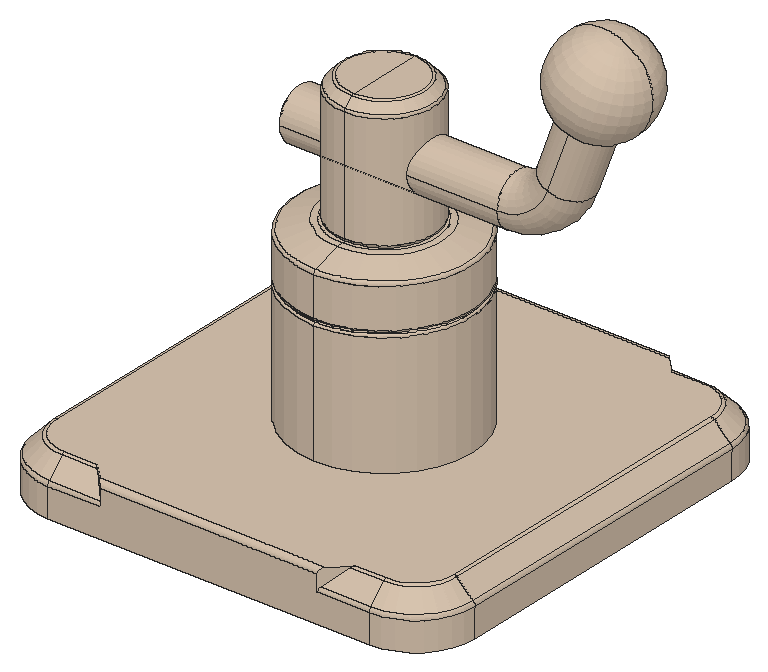
Revit family "Shower-Valve_Trim-KALLISTA-Vice-P34866_1", category Specialty Equipment, host Face, Revit 2021
Family settings
  Host = Face
  Round Connector Dimension = Use Diameter
  Part Type = Normal
  OmniClass Number = 23.31.25.00
  OmniClass Title = Toilet and Bath Specialties
  Cut with Voids When Loaded = No
  Shared = No
  Room Calculation Point = No
Parameters (values of type "Bruhsed French Gold, AF-French Gold")
  Width = 5.31496"  # constant formula
  WaterSense Certified = 1 = 0  # no
  URL = "https://www.kallista.com/"
  Type = 1
  Secondary Finish = Kallista-Metal-BAF-Brushed_French_Gold
  Product Page URL = ""
  Product Name = "Vice"  # constant formula
  Product Documentation Link = ""
  Model = if(Type = 1, "P34866-BAF-AF", if(Type = 2, "P34866-BN-BGP", if(Type = 3, "P34866-BN-SN", if(Type = 4, "P34866-BV-CP", if(Type = 5, "P34866-CP-CP", "NA")))))  # "P34866-BAF-AF"
  Material = "Premium Metal Construction"  # constant formula
  Master Format 2014 Name = "Toilet, Bath, and Laundry Accessories"  # constant formula
  Master Format 2014 = "10 28 00"  # constant formula
  Manufacturer Address = "444 Highland Dr, Kohler, WI 53044"  # constant formula
  Manufacturer = "Kallista Co."  # constant formula
  Length = 5.76378"  # constant formula
  Height = 5.31496"  # constant formula
  Handle Clearance = 3 1/4"  # constant formula
  Finish = Kallista-Metal-AF-French_Gold
  Environmental Product Declaration = ""
  Description = "Pressure Balance Trim Crank"  # constant formula
  Default Elevation = 42"
  Declare Label = ""
  Date Modified = "05/23/2024"  # constant formula
  Date Created = "05/23/2024"  # constant formula
  Copyright = "Copyright Kallista Co."  # constant formula
  Contact Us = "https://www.kallista.com/corporate/contact-us/"
  Assembly Code = "C1030200"
  ADA Compliant = 1 = 0  # no
Types (6): name | Type | Secondary Finish | Model | Finish
  (no name) | 1 | Kallista-Metal-BAF-Brushed_French_Gold | "P34866-BAF-AF" | Kallista-Metal-AF-French_Gold
  Bruhsed French Gold, AF-French Gold | 1 | Kallista-Metal-BAF-Brushed_French_Gold | "P34866-BAF-AF" | Kallista-Metal-AF-French_Gold
  Bruhsed Bronze, CP-Chrome | 4 | Kallista-Metal-BV-Brushed_Bronze | "P34866-BV-CP" | Kallista-Metal-CP-Chrome
  Chrome, CP-Chrome | 5 | Kallista-Metal-CP-Chrome | "P34866-CP-CP" | Kallista-Metal-CP-Chrome
  Vibrant Bruhsed Nickel, BGP | 2 | Kallista-Metal-BN-Brushed_Nickel | "P34866-BN-BGP" | Kallista-Metal-BGP
  Vibrant Bruhsed Nickel, SN-Polished Nickel | 3 | Kallista-Metal-BN-Brushed_Nickel | "P34866-BN-SN" | Kallista-Metal-SN-Polished_Nickel
Reference planes (in)
  plane 1 "Center (Front/Back)": y = 0
  plane 2: z = 0
  plane 3 "Center (Left/Right)": x = 0
  plane 4: z = 4.49778
  plane 5: y = 2.65748
  plane 6: y = -2.65748
  plane 7: x = -2.65748
  plane 8: x = 2.65748
  plane 9: x = 3.25
  plane 10: x = -1.06299
  plane 11: x = 1.06299
  plane 12: z = 5.76378
  plane 13: z = 0.61024
  plane 14: y = 1.06299
  plane 15: y = -1.06299
Dimensions and locks (in)
  "Width": plane 7 to plane 8
  "Height": plane 5 to plane 6
  "Handle Clearance": plane 3 "Center (Left/Right)" to plane 9
  "Length": plane 12 to level
  plane 13 to level = 0.61024"
  aligned and locked: plane 2 to host face
  aligned and locked: level to host face
Automatic sketch dimensions
  host sketch curve to host sketch curve = 96"  (x2)
Nested families (in)
  nested 1: "P34866" at (0, 0, 0), type "P34866"
Definition of nested family "P34866"
  Parameters (values of type "P34866")
    Secondary Finish = none
    Material = none
    Default Elevation = 0"
  Reference planes (in)
    plane 1 "Center (Front/Back)": y = 0
    plane 2: z = 0
    plane 3 "Center (Left/Right)": x = 0
    plane 4: y = 2.65748
    plane 5: y = -2.65748
    plane 6: x = -2.65748
    plane 7: x = 2.65748
    plane 8: z = 5.76378
    plane 9: z = 0.61024
    plane 10: x = -1.06299
    plane 11: x = 1.06299
    plane 12: y = 1.06299
    plane 13: y = -1.06299
    plane 14: z = 2.29134
    plane 15: y = -2.29921
    plane 16: y = -2
    plane 17: y = -2.59843
    plane 18: y = -1.84646
    plane 19: z = 4.49778
    plane 20: x = 3.24999
  Forms (in)
    Sweep 1, solid, material <- "Material", detail levels medium+fine
      path origin (0, 0, 0) x (1, 0, 0) y (0, 1, 0)
        loop
          arc (-2.65748, -1.94882) -> (-2.44992, -2.44992) -> (-1.94882, -2.65748) r 0.70866
          line (-1.94882, -2.65748) -> (1.94882, -2.65748)
          arc (1.94882, -2.65748) -> (2.44992, -2.44992) -> (2.65748, -1.94882) r 0.70866
          line (2.65748, -1.94882) -> (2.65748, 1.94882)
          arc (2.65748, 1.94882) -> (2.44992, 2.44992) -> (1.94882, 2.65748) r 0.70866
          line (1.94882, 2.65748) -> (-1.94882, 2.65748)
          arc (-1.94882, 2.65748) -> (-2.44992, 2.44992) -> (-2.65748, 1.94882) r 0.70866
          line (-2.65748, 1.94882) -> (-2.65748, -1.94882)
      profile origin (-2.65748, 0, 0) x (-1, 0, 0) y (0, 0, 1)
        loop
          line (0, 0) -> (0, 0.3466)
          arc (0, 0.3466) -> (-0.00591, 0.37631) -> (-0.02274, 0.4015) r 0.07764
          line (-0.02274, 0.4015) -> (-0.21608, 0.59484)
          arc (-0.21608, 0.59484) -> (-0.23313, 0.60623) -> (-0.25325, 0.61024) r 0.05257
          line (-0.25325, 0.61024) -> (-0.63353, 0.61024) -> (-0.63353, 0) -> (0, 0)
    Extrusion 2, solid, material <- "Material", detail levels medium+fine
      sketch origin (0, 0, 0) x (1, 0, 0) y (0, 1, 0)
        loop
          arc (-2.23462, -1.94882) -> (-2.15091, -2.15091) -> (-1.94882, -2.23462) r 0.2858
          line (-1.94882, -2.23462) -> (1.94882, -2.23462)
          arc (1.94882, -2.23462) -> (2.15091, -2.15091) -> (2.23462, -1.94882) r 0.2858
          line (2.23462, -1.94882) -> (2.23462, 1.94882)
          arc (2.23462, 1.94882) -> (2.15091, 2.15091) -> (1.94882, 2.23462) r 0.2858
          line (1.94882, 2.23462) -> (-1.94882, 2.23462)
          arc (-1.94882, 2.23462) -> (-2.15091, 2.15091) -> (-2.23462, 1.94882) r 0.2858
          line (-2.23462, 1.94882) -> (-2.23462, -1.94882)
      from 0 to 0.61024
    Extrusion 3, solid, material <- "Material", detail levels medium+fine
      sketch origin (0, 0, -0.0123) x (0, 1, 0) y (0, 0, 1)
        loop
          line (-2.65748, 0.2007) -> (-2.23564, 0.62254) -> (-2.59394, 0.62254)
          arc (-2.59394, 0.62254) -> (-2.63887, 0.60393) -> (-2.65748, 0.559) r 0.06354
          line (-2.65748, 0.559) -> (-2.65748, 0.2007)
      from -1.59536 to 1.59536
    Revolve 4, solid, material <- "Material", detail levels medium+fine
      sketch origin (0, 0, 0) x (0, 1, 0) y (0, 0, 1)
        loop
          line (0, 0.59737) -> (1.06299, 0.59737) -> (1.06299, 2.07762)
          arc (1.06299, 2.07762) -> (1.05579, 2.09502) -> (1.03839, 2.10223) r 0.02461
          line (1.03839, 2.10223) -> (0.72556, 2.10223)
          arc (0.72556, 2.10223) -> (0.6887, 2.11007) -> (0.65822, 2.13222) r 0.09062
          line (0.65822, 2.13222) -> (1.04249, 2.13222)
          arc (1.04249, 2.13222) -> (1.05699, 2.13822) -> (1.06299, 2.15272) r 0.02051
          line (1.06299, 2.15272) -> (1.06299, 2.63478)
          arc (1.06299, 2.63478) -> (1.05493, 2.65958) -> (1.03382, 2.67491) r 0.04219
          arc (1.03382, 2.67491) -> (0.87056, 2.72638) -> (0.70646, 2.77513) r 10.27874
          arc (0.70646, 2.77513) -> (0.66947, 2.78302) -> (0.63174, 2.78567) r 0.26995
          line (0.63174, 2.78567) -> (0.57335, 2.78567)
          arc (0.57335, 2.78567) -> (0.59223, 2.79671) -> (0.59968, 2.81728) r 0.03214
          line (0.59968, 2.81728) -> (0.59968, 4.19449)
          arc (0.59968, 4.19449) -> (0.59604, 4.21279) -> (0.58567, 4.22831) r 0.04784
          line (0.58567, 4.22831) -> (0.49091, 4.32308)
          arc (0.49091, 4.32308) -> (0.47747, 4.33206) -> (0.46162, 4.33521) r 0.04142
          line (0.46162, 4.33521) -> (0, 4.33521) -> (0, 0.59737)
        axis (0, 0.59737) -> (0, 4.33521)
      angle from 0 to 360
    Sweep 5, solid, material <- "Secondary Finish"
      path origin (0, 0, -0.93504) x (1, 0, 0) y (0, 0, 1)
        loop
          line (-1.09215, 4.80943) -> (1.61572, 4.80943)
          arc (1.61572, 4.80943) -> (1.8094, 4.8705) -> (1.93303, 5.03161) r 0.33767
          line (1.93303, 5.03161) -> (2.20446, 5.77736)
      profile origin (0.26178, 0, 3.87439) x (0, 0, 1) y (0, -1, 0)
        loop
          circle (-0.31166, 0) r 0.31166
    Revolve 6, solid, material <- "Material"
      sketch origin (0, 0, -0.93504) x (1, 0, 0) y (0, 0, 1)
        loop
          line (2.45875, 5.56479) -> (2.86082, 6.66948)
          arc (2.86082, 6.66948) -> (2.09761, 6.32175) -> (2.45875, 5.56479) r 0.58788
        axis (2.45875, 5.56479) -> (2.86082, 6.66948)
      angle from 0 to 360
    Sweep 7, void
      path origin (0, 0, -0.93504) x (0, 1, 0) y (0, 0, 1)
        loop
          circle (0, 4.49778) r 0.31166
      profile origin (0, 0, 3.87439) x (0, 0, 1) y (1, 0, 0)
        loop
          line (0.10114, -1.02016) -> (0, -1.02016) -> (-0.10281, -1.09215) -> (-0.10281, -1.1414) -> (0.10114, -1.1414) -> (0.10114, -1.02016)
    Extrusion 8, solid, material <- "Material", detail levels medium+fine
      sketch origin (0, 0, -0.0123) x (0, -1, 0) y (0, 0, -1)
        loop
          line (-2.65748, -0.22024) -> (-2.65748, -0.559)
          arc (-2.65748, -0.559) -> (-2.63887, -0.60393) -> (-2.59394, -0.62254) r 0.06354
          line (-2.59394, -0.62254) -> (-2.24583, -0.62254)
          arc (-2.24583, -0.62254) -> (-2.20265, -0.59369) -> (-2.21278, -0.54277) r 0.04673
          line (-2.21278, -0.54277) -> (-2.57109, -0.18446)
          arc (-2.57109, -0.18446) -> (-2.62624, -0.17349) -> (-2.65748, -0.22024) r 0.05061
      from -1.59536 to 1.59536
    Extrusion 9, solid, material <- "Material", detail levels coarse
      sketch origin (0, 0, 0) x (1, 0, 0) y (0, 1, 0)
        loop
          line (-2.65748, 2.65748) -> (-2.65748, -2.65748) -> (2.65748, -2.65748) -> (2.65748, 2.65748) -> (-2.65748, 2.65748)
      from 0 to 0.61024
    Revolve 10, solid, material <- "Material", detail levels coarse
      sketch origin (0, 0, 0) x (1, 0, 0) y (0, 0, 1)
        loop
          line (0, 0) -> (0, 4.33521) -> (-0.60037, 4.33521) -> (-0.60037, 2.78335) -> (-1.06299, 2.78335) -> (-1.06299, 0) -> (0, 0)
        axis (0, 0) -> (0, 4.33521)
      angle from 0 to 360
    Extrusion 11, void
      sketch origin (0, 0, 0) x (1, 0, 0) y (0, 1, 0)
        loop
          line (1.59536, -2.76919) -> (1.59536, -2.37549) -> (1.20166, -2.76919) -> (1.59536, -2.76919)
        loop
          line (-1.59536, -2.72884) -> (-1.24201, -2.72884) -> (-1.59536, -2.37549) -> (-1.59536, -2.72884)
        loop
          line (1.59536, 2.76919) -> (1.20166, 2.76919) -> (1.59536, 2.37549) -> (1.59536, 2.76919)
        loop
          line (-1.59536, 2.72884) -> (-1.59536, 2.37549) -> (-1.24201, 2.72884) -> (-1.59536, 2.72884)
      from -0.49315 to 2.13222
    Extrusion 12, solid, material <- "Material", detail levels medium+fine
      sketch origin (0, 0, 0) x (1, 0, 0) y (0, 1, 0)
        loop
          circle (-1.06299, 0) r 0.17045
        loop
          circle (1.06299, 0) r 0.17045
      from 0 to 0.1156
  Cuts and joins
    Sweep 7 cuts Sweep 5
    Extrusion 11 cuts Extrusion 3
    Extrusion 11 cuts Extrusion 8
    joined: Sweep 1, Extrusion 2, Extrusion 3, Extrusion 8
  Lines and regions (in)
    Masking region 1
      outline origin (0, 0, 0) x (1, 0, 0) y (0, 1, 0)
        loop
          line (-2.65748, 1.94882) -> (-2.65748, -1.94882)
          arc (-2.65748, -1.94882) -> (-2.44992, -2.44992) -> (-1.94882, -2.65748) r 0.70866
          line (-1.94882, -2.65748) -> (1.94882, -2.65748)
          arc (1.94882, -2.65748) -> (2.44992, -2.44992) -> (2.65748, -1.94882) r 0.70866
          line (2.65748, -1.94882) -> (2.65748, -0.59053)
          arc (2.65748, -0.59053) -> (3.07888, -0.4208) -> (3.24999, 0.00003) r 0.58212
          arc (3.24999, 0.00003) -> (3.0738, 0.41575) -> (2.65748, 0.59053) r 0.59933
          line (2.65748, 0.59053) -> (2.65748, 1.94882)
          arc (2.65748, 1.94882) -> (2.44992, 2.44992) -> (1.94882, 2.65748) r 0.70866
          line (1.94882, 2.65748) -> (-1.94882, 2.65748)
          arc (-1.94882, 2.65748) -> (-2.44992, 2.44992) -> (-2.65748, 1.94882) r 0.70866
    Masking region 2
      outline origin (0, 0, 0) x (1, 0, 0) y (0, 0, 1)
        loop
          line (0, 0) -> (2.65748, 0) -> (2.65748, 0.35356)
          arc (2.65748, 0.35356) -> (2.65324, 0.37489) -> (2.64115, 0.39298) r 0.05576
          line (2.64115, 0.39298) -> (2.43639, 0.59775)
          arc (2.43639, 0.59775) -> (2.42255, 0.60699) -> (2.40623, 0.61024) r 0.04264
          line (2.40623, 0.61024) -> (1.06299, 0.61024) -> (1.06299, 2.07949)
          arc (1.06299, 2.07949) -> (1.05623, 2.09582) -> (1.03989, 2.10259) r 0.0231
          line (1.03989, 2.10259) -> (0.72681, 2.10259)
          arc (0.72681, 2.10259) -> (0.69483, 2.11063) -> (0.67045, 2.13285) r 0.06761
          line (0.67045, 2.13285) -> (1.04136, 2.13285)
          arc (1.04136, 2.13285) -> (1.05665, 2.13918) -> (1.06299, 2.15448) r 0.02164
          line (1.06299, 2.15448) -> (1.06299, 2.64211)
          arc (1.06299, 2.64211) -> (1.0555, 2.66451) -> (1.03603, 2.67789) r 0.03723
          line (1.03603, 2.67789) -> (0.68753, 2.77782)
          arc (0.68753, 2.77782) -> (0.67145, 2.78124) -> (0.65504, 2.78239) r 0.11788
          line (0.65504, 2.78239) -> (0.56629, 2.78239)
          arc (0.56629, 2.78239) -> (0.59038, 2.79222) -> (0.60037, 2.81624) r 0.03385
          line (0.60037, 2.81624) -> (0.60037, 3.22809) -> (0.58613, 3.2584) -> (1.62804, 3.2584)
          arc (1.62804, 3.2584) -> (2.15003, 3.4223) -> (2.48326, 3.85622) r 0.90856
          line (2.48326, 3.85622) -> (2.73797, 4.55602)
          arc (2.73797, 4.55602) -> (2.74031, 4.57204) -> (2.73611, 4.58768) r 0.04
          arc (2.73611, 4.58768) -> (3.10414, 4.78464) -> (3.24999, 5.17574) r 0.59055
          arc (3.24999, 5.17574) -> (3.07698, 5.59087) -> (2.66181, 5.76378) r 0.59055
          arc (2.66181, 5.76378) -> (2.12355, 5.42136) -> (2.21066, 4.78939) r 0.59055
          arc (2.21066, 4.78939) -> (2.19389, 4.7763) -> (2.18303, 4.758) r 0.05742
          line (2.18303, 4.758) -> (1.92832, 4.0582)
          arc (1.92832, 4.0582) -> (1.81189, 3.90646) -> (1.62949, 3.84895) r 0.31801
          line (1.62949, 3.84895) -> (0.58686, 3.84895) -> (0.60037, 3.8777) -> (0.60037, 4.19979)
          arc (0.60037, 4.19979) -> (0.59739, 4.21478) -> (0.5889, 4.22749) r 0.03917
          line (0.5889, 4.22749) -> (0.49269, 4.3237)
          arc (0.49269, 4.3237) -> (0.47994, 4.33222) -> (0.4649, 4.33521) r 0.03931
          line (0.4649, 4.33521) -> (0, 4.33521) -> (-0.4649, 4.33521)
          arc (-0.4649, 4.33521) -> (-0.47994, 4.33222) -> (-0.49269, 4.3237) r 0.03931
          line (-0.49269, 4.3237) -> (-0.5889, 4.22749)
          arc (-0.5889, 4.22749) -> (-0.59739, 4.21478) -> (-0.60037, 4.19979) r 0.03917
          line (-0.60037, 4.19979) -> (-0.60037, 3.8777) -> (-0.58686, 3.84895) -> (-0.98669, 3.84895)
          arc (-0.98669, 3.84895) -> (-1.00183, 3.84518) -> (-1.01342, 3.83474) r 0.03224
          line (-1.01342, 3.83474) -> (-1.07298, 3.74643)
          arc (-1.07298, 3.74643) -> (-1.0807, 3.73026) -> (-1.08335, 3.71254) r 0.06061
          line (-1.08335, 3.71254) -> (-1.08335, 3.5529) -> (-1.08335, 3.39326)
          arc (-1.08335, 3.39326) -> (-1.0807, 3.37554) -> (-1.07298, 3.35936) r 0.06061
          line (-1.07298, 3.35936) -> (-1.01342, 3.27106)
          arc (-1.01342, 3.27106) -> (-1.00183, 3.26062) -> (-0.98669, 3.25684) r 0.03224
          line (-0.98669, 3.25684) -> (-0.58686, 3.25684) -> (-0.60037, 3.22809) -> (-0.60037, 2.81624)
          arc (-0.60037, 2.81624) -> (-0.59038, 2.79222) -> (-0.56629, 2.78239) r 0.03385
          line (-0.56629, 2.78239) -> (-0.65504, 2.78239)
          arc (-0.65504, 2.78239) -> (-0.67145, 2.78124) -> (-0.68753, 2.77782) r 0.11788
          line (-0.68753, 2.77782) -> (-1.03603, 2.67789)
          arc (-1.03603, 2.67789) -> (-1.0555, 2.66451) -> (-1.06299, 2.64211) r 0.03723
          line (-1.06299, 2.64211) -> (-1.06299, 2.15448)
          arc (-1.06299, 2.15448) -> (-1.05665, 2.13918) -> (-1.04136, 2.13285) r 0.02164
          line (-1.04136, 2.13285) -> (-0.67045, 2.13285)
          arc (-0.67045, 2.13285) -> (-0.69483, 2.11063) -> (-0.72681, 2.10259) r 0.06761
          line (-0.72681, 2.10259) -> (-1.03989, 2.10259)
          arc (-1.03989, 2.10259) -> (-1.05623, 2.09582) -> (-1.06299, 2.07949) r 0.0231
          line (-1.06299, 2.07949) -> (-1.06299, 0.61024) -> (-2.40623, 0.61024)
          arc (-2.40623, 0.61024) -> (-2.42255, 0.60699) -> (-2.43639, 0.59775) r 0.04264
          line (-2.43639, 0.59775) -> (-2.64115, 0.39298)
          arc (-2.64115, 0.39298) -> (-2.65324, 0.37489) -> (-2.65748, 0.35356) r 0.05576
          line (-2.65748, 0.35356) -> (-2.65748, 0) -> (0, 0)
    Masking region 3
      outline origin (0, 0, 0) x (0, 1, 0) y (0, 0, 1)
        loop
          line (-0.59252, 0) -> (2.65748, 0) -> (2.65748, 0.54972)
          arc (2.65748, 0.54972) -> (2.63975, 0.59251) -> (2.59696, 0.61024) r 0.06052
          line (2.59696, 0.61024) -> (1.06299, 0.61024) -> (1.06299, 2.08107)
          arc (1.06299, 2.08107) -> (1.05692, 2.09573) -> (1.04226, 2.1018) r 0.02073
          line (1.04226, 2.1018) -> (0.73239, 2.1018)
          arc (0.73239, 2.1018) -> (0.69835, 2.10996) -> (0.67169, 2.13265) r 0.07515
          line (0.67169, 2.13265) -> (1.04341, 2.13265)
          arc (1.04341, 2.13265) -> (1.05726, 2.13839) -> (1.06299, 2.15223) r 0.01958
          line (1.06299, 2.15223) -> (1.06299, 2.64031)
          arc (1.06299, 2.64031) -> (1.0567, 2.6592) -> (1.04035, 2.67055) r 0.03152
          arc (1.04035, 2.67055) -> (0.87107, 2.72124) -> (0.70237, 2.77381) r 15.78641
          arc (0.70237, 2.77381) -> (0.66771, 2.78264) -> (0.63207, 2.78561) r 0.21543
          line (0.63207, 2.78561) -> (0.581, 2.78561)
          arc (0.581, 2.78561) -> (0.59619, 2.80257) -> (0.60168, 2.82467) r 0.04723
          line (0.60168, 2.82467) -> (0.60168, 4.19302)
          arc (0.60168, 4.19302) -> (0.59795, 4.21179) -> (0.58732, 4.2277) r 0.04904
          line (0.58732, 4.2277) -> (0.49563, 4.31938)
          arc (0.49563, 4.31938) -> (0.48005, 4.32979) -> (0.46167, 4.33345) r 0.04802
          line (0.46167, 4.33345) -> (0.3004, 4.33345) -> (0.3004, 4.67693)
          arc (0.3004, 4.67693) -> (0.57511, 5.33779) -> (0, 5.76378) r 0.58095
          arc (0, 5.76378) -> (-0.57511, 5.33779) -> (-0.3004, 4.67693) r 0.58095
          line (-0.3004, 4.67693) -> (-0.3004, 4.33345) -> (-0.46167, 4.33345)
          arc (-0.46167, 4.33345) -> (-0.48005, 4.32979) -> (-0.49563, 4.31938) r 0.04802
          line (-0.49563, 4.31938) -> (-0.58732, 4.2277)
          arc (-0.58732, 4.2277) -> (-0.59795, 4.21179) -> (-0.60168, 4.19302) r 0.04904
          line (-0.60168, 4.19302) -> (-0.60168, 2.82467)
          arc (-0.60168, 2.82467) -> (-0.59619, 2.80257) -> (-0.581, 2.78561) r 0.04723
          line (-0.581, 2.78561) -> (-0.63207, 2.78561)
          arc (-0.63207, 2.78561) -> (-0.66771, 2.78264) -> (-0.70237, 2.77381) r 0.21543
          arc (-0.70237, 2.77381) -> (-0.87107, 2.72124) -> (-1.04035, 2.67055) r 15.78641
          arc (-1.04035, 2.67055) -> (-1.0567, 2.6592) -> (-1.06299, 2.64031) r 0.03152
          line (-1.06299, 2.64031) -> (-1.06299, 2.15223)
          arc (-1.06299, 2.15223) -> (-1.05726, 2.13839) -> (-1.04341, 2.13265) r 0.01958
          line (-1.04341, 2.13265) -> (-0.67169, 2.13265)
          arc (-0.67169, 2.13265) -> (-0.69835, 2.10996) -> (-0.73239, 2.1018) r 0.07515
          line (-0.73239, 2.1018) -> (-1.04226, 2.1018)
          arc (-1.04226, 2.1018) -> (-1.05692, 2.09573) -> (-1.06299, 2.08107) r 0.02073
          line (-1.06299, 2.08107) -> (-1.06299, 0.61024) -> (-2.59696, 0.61024)
          arc (-2.59696, 0.61024) -> (-2.63975, 0.59251) -> (-2.65748, 0.54972) r 0.06052
          line (-2.65748, 0.54972) -> (-2.65748, 0) -> (-0.59252, 0)
    symbolic lines, detail levels medium+fine
      curve 1: arc (-1.97551, 2.44199, 0) -> (-2.28174, 2.31514, 0) -> (-2.40858, 2.00892, 0) r 0.43307
      curve 2: line (-2.40858, -1.93896, 0) -> (-2.40858, 2.00892, 0)
      curve 3: line (-1.97551, 2.44199, 0) -> (-1.58181, 2.44199, 0)
      curve 4: line (-1.39465, 2.60827, 0) -> (-1.44931, 2.5302, 0)
      curve 5: arc (-1.61878, 2.44199, 0) -> (-1.52325, 2.46536, 0) -> (-1.44931, 2.5302, 0) r 0.20688
      curve 6: line (-1.98064, 2.60827, 0) -> (0, 2.60827, 0)
      curve 7: line (-2.60827, 1.98064, 0) -> (-2.60827, -1.97079, 0)
      curve 8: arc (-1.98064, 2.60827, 0) -> (-2.42444, 2.42444, 0) -> (-2.60827, 1.98064, 0) r 0.62763
      curve 9: line (-1.61878, 2.44199, 0) -> (-1.61878, 2.60827, 0)
      curve 10: arc (0.00707, 1.06297, 0) -> (-0.64534, 0.84468, 0) -> (-1.02745, 0.27259, 0) r 1.06299
      curve 11: circle (0, 0, 0) r 0.59055 normal (0, 0, 1)
      curve 12: circle (0, 0, 0) r 0.47003 normal (0, 0, 1)
      curve 13: circle (0, 0, 0) r 0.49269 normal (0, 0, 1)
      curve 14: circle (0, 0, 0) r 0.57832 normal (0, 0, 1)
      curve 15: line (0.50291, 0.30957, 0) -> (2.15459, 0.30957, 0)
      curve 16: line (0.50291, -0.30957, 0) -> (2.15459, -0.30957, 0)
      curve 17: line (-0.50291, 0.30957, 0) -> (-0.98228, 0.30957, 0)
      curve 18: line (-0.50291, -0.30957, 0) -> (-0.97777, -0.30957, 0)
      curve 19: line (-1.08125, 0.19638, 0) -> (-1.01233, 0.294, 0)
      curve 20: line (-1.08516, 0.18405, 0) -> (-1.08516, 0, 0)
      curve 21: arc (-0.98228, 0.30957, 0) -> (-0.9992, 0.30545, 0) -> (-1.01233, 0.294, 0) r 0.03678
      curve 22: arc (-1.08125, 0.19638, 0) -> (-1.08416, 0.19052, 0) -> (-1.08516, 0.18405, 0) r 0.02139
      curve 23: line (-1.07676, -0.20274, 0) -> (-1.01494, -0.29031, 0)
      curve 24: line (-1.08516, -0.17627, 0) -> (-1.08516, 0, 0)
      curve 25: arc (-0.97777, -0.30957, 0) -> (-0.9987, -0.30447, 0) -> (-1.01494, -0.29031, 0) r 0.0455
      curve 26: arc (-1.07676, -0.20274, 0) -> (-1.08301, -0.19015, 0) -> (-1.08516, -0.17627, 0) r 0.0459
      curve 27: arc (-1.02745, -0.27259, 0) -> (-0.01922, -1.06282, 0) -> (1.01692, -0.30957, 0) r 1.06299
      curve 28: arc (1.01692, 0.30957, 0) -> (0.63564, 0.85201, 0) -> (0.00707, 1.06297, 0) r 1.06299
      curve 29: arc (1.95835, 2.39277, 0) -> (2.26457, 2.26593, 0) -> (2.39142, 1.9597, 0) r 0.43307
      curve 30: line (1.95835, 2.39277, 0) -> (1.61996, 2.39277, 0)
      curve 31: line (1.36138, 2.60827, 0) -> (1.4505, 2.48099, 0)
      curve 32: arc (1.61996, 2.39277, 0) -> (1.52444, 2.41615, 0) -> (1.4505, 2.48099, 0) r 0.20688
      curve 33: line (1.96347, 2.60827, 0) -> (0, 2.60827, 0)
      curve 34: arc (1.96347, 2.60827, 0) -> (2.40727, 2.42444, 0) -> (2.5911, 1.98064, 0) r 0.62763
      curve 35: line (1.61996, 2.39277, 0) -> (1.61996, 2.60827, 0)
      curve 36: arc (-1.97551, -2.37203, 0) -> (-2.28174, -2.24519, 0) -> (-2.40858, -1.93896, 0) r 0.43307
      curve 37: line (-1.97551, -2.37203, 0) -> (-1.59405, -2.37203, 0)
      curve 38: line (-1.32784, -2.59843, 0) -> (-1.42459, -2.46025, 0)
      curve 39: arc (-1.59405, -2.37203, 0) -> (-1.49853, -2.3954, 0) -> (-1.42459, -2.46025, 0) r 0.20688
      curve 40: line (-1.98064, -2.59843, 0) -> (0.00695, -2.59843, 0)
      curve 41: arc (-1.98064, -2.59843, 0) -> (-2.42444, -2.4146, 0) -> (-2.60827, -1.97079, 0) r 0.62763
      curve 42: line (-1.59405, -2.37203, 0) -> (-1.59405, -2.59843, 0)
      curve 43: arc (1.98246, -2.37203, 0) -> (2.28869, -2.24519, 0) -> (2.41553, -1.93896, 0) r 0.43307
      curve 44: line (1.98246, -2.37203, 0) -> (1.57461, -2.37203, 0)
      curve 45: line (1.30839, -2.59843, 0) -> (1.40515, -2.46025, 0)
      curve 46: arc (1.57461, -2.37203, 0) -> (1.47909, -2.3954, 0) -> (1.40515, -2.46025, 0) r 0.20688
      curve 47: line (1.98758, -2.59843, 0) -> (0.00695, -2.59843, 0)
      curve 48: arc (1.98758, -2.59843, 0) -> (2.43139, -2.4146, 0) -> (2.61521, -1.97079, 0) r 0.62763
      curve 49: line (1.57461, -2.37203, 0) -> (1.57461, -2.59843, 0)
      curve 50: line (2.41553, -1.93896, 0) -> (2.41553, -0.54083, 0)
      curve 51: line (2.5911, 1.98064, 0) -> (2.5911, 0.58679, 0)
      curve 52: arc (-0.98236, -0.30934, 0) -> (-0.00012, -1.02991, 0) -> (0.98228, -0.30957, 0) r 1.02991
      curve 53: arc (0.98228, 0.30957, 0) -> (0, 1.02991, 0) -> (-0.98228, 0.30957, 0) r 1.02991
      curve 54: line (2.39142, 0.5296, 0) -> (2.39142, 1.9597, 0)
      curve 55: line (2.61521, -0.58902, 0) -> (2.61521, -1.97079, 0)
      curve 56: line (-1.0703, -0.21189, 0) -> (-1.0703, 0.21189, 0)
      curve 57: line (-1.01233, 0.294, 0) -> (-1.01233, -0.29366, 0)
      curve 58: line (-0.97777, -0.30957, 0) -> (-0.97777, 0.30957, 0)
      curve 59: line (0.00172, -0.34214, 0) -> (0.00172, -0.2415, 0)
      curve 60: line (0.29622, -0.14929, 0) -> (0.19323, -0.01261, 0)
      curve 61: line (0.19952, 0, 0) -> (0.22249, 0, 0)
      curve 62: line (0.29622, -0.14929, 0) -> (0.40292, -0.01272, 0)
      curve 63: line (0.39672, 0, 0) -> (0.36411, 0, 0)
      curve 64: arc (0.22249, 0, 0) -> (-0.15137, 0.16305, 0) -> (-0.01651, -0.22187, 0) r 0.22249
      curve 65: arc (0.36411, 0, 0) -> (-0.24707, 0.26351, 0) -> (-0.0191, -0.3618, 0) r 0.3624
      curve 66: arc (-0.01651, -0.22187, 0) -> (-0.00354, -0.22811, 0) -> (0.00172, -0.2415, 0) r 0.01969
      curve 67: arc (-0.0191, -0.3618, 0) -> (-0.00445, -0.35646, 0) -> (0.00172, -0.34214, 0) r 0.01969
      curve 68: arc (0.19323, -0.01261, 0) -> (0.19247, -0.00436, 0) -> (0.19952, 0, 0) r 0.00787
      curve 69: arc (0.40292, -0.01272, 0) -> (0.4038, -0.00442, 0) -> (0.39672, 0, 0) r 0.00787
      curve 70: arc (-0.5461, -0.30957, 0) -> (0, -0.62775, 0) -> (0.5461, -0.30957, 0) r 0.62775
      curve 71: arc (-0.56765, -0.30957, 0) -> (0, -0.64658, 0) -> (0.56765, -0.30957, 0) r 0.64658
      curve 72: arc (0.5461, 0.30957, 0) -> (0, 0.62775, 0) -> (-0.5461, 0.30957, 0) r 0.62775
      curve 73: arc (0.56765, 0.30957, 0) -> (0, 0.64658, 0) -> (-0.56765, 0.30957, 0) r 0.64658
      curve 74: line (-1.34659, 2.60827, 0) -> (-1.41706, 2.50762, 0)
      curve 75: arc (-1.61878, 2.40262, 0) -> (-1.50507, 2.43044, 0) -> (-1.41706, 2.50762, 0) r 0.24625
      curve 76: line (-1.97551, 2.40262, 0) -> (-1.61878, 2.40262, 0)
      curve 77: arc (-1.97551, 2.40262, 0) -> (-2.2539, 2.2873, 0) -> (-2.36921, 2.00892, 0) r 0.3937
      curve 78: line (-2.36921, -1.93896, 0) -> (-2.36921, 2.00892, 0)
      curve 79: arc (-1.97551, -2.33266, 0) -> (-2.2539, -2.21735, 0) -> (-2.36921, -1.93896, 0) r 0.3937
      curve 80: line (-1.97551, -2.33266, 0) -> (-1.59405, -2.33266, 0)
      curve 81: arc (-1.59405, -2.33266, 0) -> (-1.48035, -2.36048, 0) -> (-1.39234, -2.43767, 0) r 0.24625
      curve 82: line (-1.27977, -2.59843, 0) -> (-1.39234, -2.43767, 0)
      curve 83: arc (1.57461, -2.33266, 0) -> (1.46091, -2.36048, 0) -> (1.3729, -2.43767, 0) r 0.24625
      curve 84: line (1.26033, -2.59843, 0) -> (1.3729, -2.43767, 0)
      curve 85: line (1.98246, -2.33266, 0) -> (1.57461, -2.33266, 0)
      curve 86: arc (1.98246, -2.33266, 0) -> (2.26085, -2.21735, 0) -> (2.37616, -1.93896, 0) r 0.3937
      curve 87: line (2.37616, -1.93896, 0) -> (2.37616, -0.52179, 0)
      curve 88: line (2.35205, 0.50828, 0) -> (2.35205, 1.9597, 0)
      curve 89: arc (1.95835, 2.3534, 0) -> (2.23673, 2.23809, 0) -> (2.35205, 1.9597, 0) r 0.3937
      curve 90: line (1.95835, 2.3534, 0) -> (1.61996, 2.3534, 0)
      curve 91: arc (1.61996, 2.3534, 0) -> (1.50626, 2.38123, 0) -> (1.41825, 2.45841, 0) r 0.24625
      curve 92: line (1.31332, 2.60827, 0) -> (1.41825, 2.45841, 0)
      curve 93: line (-2.64115, 0, 0.39298) -> (-1.57937, 0, 0.39298)
      curve 94: line (-2.65748, 0, 0.35356) -> (-1.57606, 0, 0.35356)
      curve 95: line (-2.43639, 0, 0.59775) -> (2.43639, 0, 0.59775)
      curve 96: line (-1.06299, 0, 0.61024) -> (1.29921, 0, 0.61024)
      curve 97: line (-0.67045, 0, 2.13285) -> (0.67045, 0, 2.13285)
      curve 98: line (-0.72681, 0, 2.10259) -> (0.72681, 0, 2.10259)
      curve 99: line (-0.56629, 0, 2.78239) -> (0.56629, 0, 2.78239)
      curve 100: line (-1.06299, 0, 2.64211) -> (1.06299, 0, 2.64211)
      curve 101: line (-1.03603, 0, 2.67789) -> (1.03603, 0, 2.67789)
      curve 102: line (-0.49269, 0, 4.3237) -> (0.49269, 0, 4.3237)
      curve 103: line (-0.5889, 0, 4.22749) -> (0.5889, 0, 4.22749)
      curve 104: line (-0.60037, 0, 4.19979) -> (0.60037, 0, 4.19979)
      curve 105: arc (-0.58686, 0, 3.25684) -> (-0.56516, 0, 3.5529) -> (-0.58686, 0, 3.84895) r 2.0297
      curve 106: arc (0.58613, 0, 3.2584) -> (0.56629, 0, 3.5537) -> (0.58686, 0, 3.84895) r 2.16778
      curve 107: line (-0.98669, 0, 3.84895) -> (-0.98669, 0, 3.25684)
      curve 108: line (2.73611, 0, 4.58768) -> (2.21066, 0, 4.78939)
      curve 109: line (2.18303, 0, 4.758) -> (2.73436, 0, 4.54636)
      curve 110: line (-1.4658, 0, 0.4521) -> (-1.36382, 0, 0.59775)
      curve 111: arc (-1.57937, 0, 0.39298) -> (-1.51535, 0, 0.40865) -> (-1.4658, 0, 0.4521) r 0.13864
      curve 112: arc (-1.57937, 0, 0.35361) -> (-1.49717, 0, 0.37373) -> (-1.43355, 0, 0.42952) r 0.17801
      curve 113: line (-1.43355, 0, 0.42952) -> (-1.35014, 0, 0.54864)
      curve 114: line (-1.35014, 0, 0.54864) -> (1.35014, 0, 0.54864)
      curve 115: line (2.64115, 0, 0.39298) -> (1.57937, 0, 0.39298)
      curve 116: line (2.65748, 0, 0.35356) -> (1.57606, 0, 0.35356)
      curve 117: line (1.4658, 0, 0.4521) -> (1.38239, 0, 0.57122)
      curve 118: arc (1.57937, 0, 0.39298) -> (1.51535, 0, 0.40865) -> (1.4658, 0, 0.4521) r 0.13864
      curve 119: arc (1.38239, 0, 0.57122) -> (1.36271, 0, 0.5894) -> (1.33726, 0, 0.59775) r 0.06298
      curve 120: arc (1.57937, 0, 0.35361) -> (1.49717, 0, 0.37373) -> (1.43355, 0, 0.42952) r 0.17801
      curve 121: line (1.43355, 0, 0.42952) -> (1.35014, 0, 0.54864)
      curve 122: line (1.62804, 0, 3.2584) -> (1.62804, 0, 3.84895)
      curve 123: line (1.92832, 0, 4.0582) -> (2.48326, 0, 3.85622)
      curve 124: arc (1.99299, -0.30957, 0) -> (1.93164, 0, 0) -> (1.99299, 0.30957, 0) r 0.81175
      curve 125: line (1.57652, -0.30957, 0) -> (1.57652, 0.30957, 0)
      curve 126: line (0, 1.06299, 0.61024) -> (0, -1.06299, 0.61024)
      curve 127: line (0, 2.65748, 0.54972) -> (0, -2.65748, 0.54972)
      curve 128: line (0, 0.73239, 2.1018) -> (0, -0.73239, 2.1018)
      curve 129: line (0, 0.67169, 2.13265) -> (0, -0.74697, 2.13265)
      curve 130: line (0, 0.60168, 4.19302) -> (0, -0.3004, 4.19302)
      curve 131: line (0, 0.49563, 4.31938) -> (0, -0.3004, 4.31938)
      curve 132: line (0, 0.58732, 4.2277) -> (0, -0.3004, 4.2277)
      curve 133: line (0, -0.60168, 4.19302) -> (0, -0.3004, 4.19302)
      curve 134: line (0, -0.49563, 4.31938) -> (0, -0.3004, 4.31938)
      curve 135: line (0, -0.58732, 4.2277) -> (0, -0.3004, 4.2277)
      curve 136: line (0, 0.581, 2.78561) -> (0, -0.581, 2.78561)
      curve 137: line (0, 1.06299, 2.64031) -> (0, -1.06299, 2.64031)
      curve 138: line (0, 1.04035, 2.67055) -> (0, -1.04035, 2.67055)
      curve 139: line (0, 0.70237, 2.77381) -> (0, -0.70237, 2.77381)
      curve 140: line (0, 0.60168, 2.82467) -> (0, -0.60168, 2.82467)
      curve 141: line (0, 2.42766, 0.61024) -> (0, 2.61674, 0.42116)
      curve 142: line (0, -2.40306, 0.61024) -> (0, -2.59597, 0.41732)
      curve 143: line (0, 2.65748, 0.41732) -> (0, -2.65748, 0.41732)
      curve 144: arc (0, 2.61674, 0.42116) -> (0, 2.64562, 0.37911) -> (0, 2.65748, 0.32949) r 0.13972
      curve 145: line (0, 2.65748, 0.32949) -> (0, -2.65748, 0.32949)
      curve 146: arc (0, -2.59597, 0.41732) -> (0, -2.63057, 0.3761) -> (0, -2.65748, 0.32949) r 0.30889
      curve 147: line (0, -0.3004, 4.33345) -> (0, 0.3004, 4.33345)
      curve 148: spline (0, 0.3004, 4.67693) -> (0, 0.29016, 4.7135) -> (0, 0.26015, 4.74757) -> (0, 0.21241, 4.77684) -> (0, 0.1502, 4.79929) -> (0, 0.07775, 4.81341) -> (0, 0, 4.81822) -> (0, -0.07775, 4.81341) -> (0, -0.1502, 4.79929) -> (0, -0.21241, 4.77684) -> (0, -0.26015, 4.74757) -> (0, -0.29016, 4.7135) -> (0, -0.3004, 4.67693)
      curve 149: arc (2.65748, 0.59053, 0) -> (2.06695, 0, 0) -> (2.65748, -0.59053, 0) r 0.59053
  Dimensions and locks (in)
    plane 8 to level = 5.76378"
    plane 5 to plane 4 = 5.31496"
    plane 9 to level = 0.61024"
    plane 3 "Center (Left/Right)" to plane 20 = 3 1/4"
    aligned and locked: level to plane 2
    aligned and locked: plane 6 to Sweep 1 sketch curve
    aligned and locked: Sweep 1 sketch curve to plane 9
    aligned and locked: plane 9 to Extrusion 3 sketch curve
    aligned and locked: plane 5 to Extrusion 3 sketch curve
